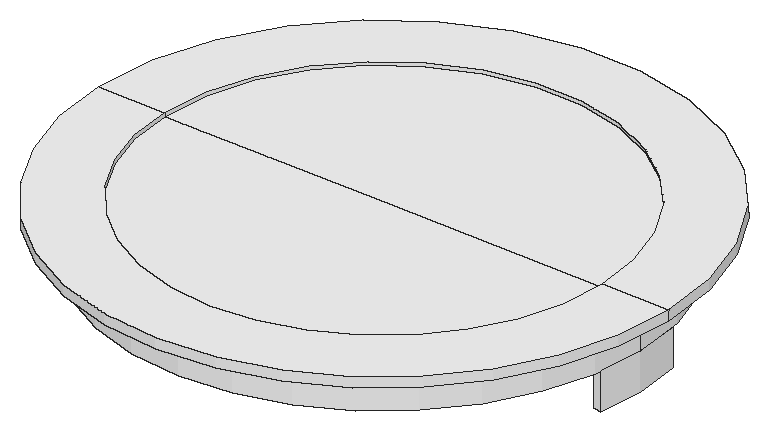
Revit family "0053973", category Lighting Fixtures, host Face, Revit 2017
Family settings
  Host = Face
  Round Connector Dimension = Use Diameter
  Part Type = Normal
  OmniClass Number = 23.80.70.11.14.11
  OmniClass Title = Downlights
  Cut with Voids When Loaded = No
  Light Source = Yes
  Shared = No
  Room Calculation Point = No
Parameters (values of type "0053973 SYLFLAT 155 IP44 1050LM 830 DIM ")
  Weight = "8.66 kg"
  Wattage Comments = "n/a"
  Wattage = 13 W
  WarrantyStartDate [instance] = "n/a"
  WarrantyGuarantorParts = "n/a"
  WarrantyDurationUnit = "year"
  WarrantyDurationParts = "n/a"
  WarrantyDescription = "n/a"
  built-in parameter 1150110 = 1 (stored number, unit not read)
  Voltage = 230 V
  URL = "http://www.sylvania-lighting.com"
  TypeName = "SYLFLAT 155 IP44 1050LM 830 DIM"
  Type Image = <None>
  Type Comments = "n/a"
  built-in parameter 1114217 = 1 (stored number, unit not read)
  Tilt Angle = -90.00°
  built-in parameter 1150109 = 1 (stored number, unit not read)
  built-in parameter 1150134 = (empty or 0)
  built-in parameter 1150113 = 1 (stored number, unit not read)
  SpringMountStartAngle_FEILO = -SpringMountEndAngle_FEILO  # -10.00°
  SpringMountEndAngle_FEILO = 10.00°
  SerialNumber [instance] = "n/a"
  ReflectorMaterial = none
  RecessedHeight_FEILO = 22 mm
  RecessedDiameter_FEILO = 155 mm
  PowerFactor = 0
  PowerConsumption = "13 W"
  Photometric Web File = "0053973.ies"
  NominalLength = 172 mm
  NominalHeight = 22 mm
  NominalDepth = 172 mm
  Name = "SYLFLAT 155 IP44 1050LM 830 DIM"
  ModelReference = Name  # "SYLFLAT 155 IP44 1050LM 830 DIM"
  ModelNumber = "0053973"
  Model = Name  # "SYLFLAT 155 IP44 1050LM 830 DIM"
  Material = "Aluminium"
  ManufacturerName = "Feilo Sylvania"
  Manufacturer = "Feilo Sylvania"
  LuminousEfficacy = "80.76 lm/W"
  built-in parameter 1150105 = 83.556 (stored number, unit not read)
  Lumens = 1050 lm
  LuminaireType = "LED recessed downlight"
  built-in parameter 1150115 = 1 (stored number, unit not read)
  LightOutputRatio = "1"
  built-in parameter 1150137 = (empty or 0)
  built-in parameter 1150139 = (empty or 0)
  LampsType = Lamp  # "LED"
  LampNominalLuminous = "1050 lm"
  LampMacAdamStep = "n/a"
  LampColourTemperature = "3000 K"
  LampColourRenderingIndex = "80"
  built-in parameter 1150112 = 1 (stored number, unit not read)
  built-in parameter 1150114 = 1 (stored number, unit not read)
  Lamp = "LED"
  Keynote = "16500"
  InstallationDate [instance] = "n/a"
  InputVoltage = "220-240V~"
  InputNominalFrequency = "50/60 Hz"
  built-in parameter 1150132 = (empty or 0)
  built-in parameter 1150102 = (empty or 0)
  built-in parameter 1150107 = 3000 (stored number, unit not read)
  built-in parameter 1150138 = (empty or 0)
  IngressProtection = "IP44"
  ImpactProtectionIndex = "IK06"
  built-in parameter 1150106 = 0.83556 (stored number, unit not read)
  IfcExportType = "IfcLightFixtureType"
  IfcExportAs = "IfcLightFixtureType"
  ExpectedLife = 50000
  Emit from Circle Diameter = 132 mm
  Emit Shape Visible in Rendering = no
  ElectricShockClassification = "Class II"
  built-in parameter 1150104 = 7.5037 (stored number, unit not read)
  DurationUnit = "hours"
  DocumentationLiterature = "http://www.sylvania-lighting.com/product/en-int/products/0053973"
  DimmingControlOptions = "Dimmable"
  Dimming Lamp Color Temperature Shift = <None>
  DiffuserMaterial = Diffuser-Sylvania-Glow
  Description = "Integrated LED recessed downlight providing 1040 fixture lumens at a wattage of 13W giving a high efficacy of 80lm/W. Fitting includes Leading/Trailing edge phase dimmable driver and has a round ceiling cut out of 155mm with an IP20 and IK02 rating providing uniform distribution with an Opal diffuser and 110° beam angle. Provided including a Loop in Loop out box and built Built white aluminium housing."
  Default Elevation = 1219.2 mm
  CutoutHeight_FEILO = RecessedHeight_FEILO + 10 mm  # 32 mm
  CreatedOn = "03-11-2017"
  CreatedBy = "aron.fodor@feilosylvania.com"
  Cost = 0
  Color Filter = 16777215
  built-in parameter 1114216 [instance] = (empty or 0)
  ClassificationValue = "EF_70_80"
  ClassificationName = "Uniclass2015"
  BodyWidth_FEILO = 172 mm
  BodyMaterial = Body-Sylvania-SylFlatDimmable-White
  BodyLength_FEILO = 172 mm
  BodyHeight_FEILO = 11 mm
  BarCode [instance] = "n/a"
  built-in parameter 1114218 = 1 (stored number, unit not read)
  built-in parameter 1150133 = 10 (stored number, unit not read)
  AssetType = "Fixed"
  AssetIdentifier [instance] = "n/a"
  Assembly Code = "D5020200"
  Apparent Load = 13 VA
  AccessoryMaterial = Diffuser-Sylvania-Glow
Reference planes
  plane 1 "Center (Front/Back)": y = 0
  plane 2: z = 0
  plane 3 "Center (Left/Right)": x = 0
  plane 4: x = 86
  plane 5: x = -86
  plane 6: y = 86
  plane 7: y = -86
  plane 8: z = 3
  plane 9: z = -22
  plane 10: x = 77.5
  plane 11: x = -77.5
  plane 12: y = 77.5
  plane 13: y = -77.5
  plane 14: z = 2
  plane 15: x = -66
  plane 16: z = -11
  plane 17: x = -75
  plane 18: x = 75
  plane 19: z = -32
Forms (mm)
  Revolve 1, solid, material "Body-Sylvania-SylFlatDimmable-White" <- "BodyMaterial"
    sketch origin (0, 0, 0) x (1, 0, 0) y (0, 0, 1)
      loop
        line (0, -11) -> (0, 2) -> (-66, 2) -> (-66, 3) -> (-86, 3) -> (-86, 0) -> (-77.5, 0) -> (-77.5, -11) -> (0, -11)
      axis (0, 3) -> (0, -11)
    angle from 360 to 0
  Revolve 2, solid, material "Body-Sylvania-SylFlatDimmable-White" <- "BodyMaterial"
    sketch origin (0.654, 0, 0) x (1, 0, 0) y (0, 0, 1)
      loop
        line (-78.154, -11) -> (-78.154, -22) -> (-75.654, -22) -> (-75.654, -11) -> (-78.154, -11)
      axis (-0.654, -11) -> (-0.654, -22)
    angle from -10 <- "SpringMountStartAngle_FEILO" to 10 <- "SpringMountEndAngle_FEILO"
  Revolve 3, solid, material "Body-Sylvania-SylFlatDimmable-White" <- "BodyMaterial"
    sketch origin (0, 0, 0) x (1, 0, 0) y (0, 0, 1)
      loop
        line (77.5, -11) -> (75, -11) -> (75, -22) -> (77.5, -22) -> (77.5, -11)
      axis (0, -11) -> (0, -22)
    angle from -10 <- "SpringMountStartAngle_FEILO" to 10 <- "SpringMountEndAngle_FEILO"
  Revolve 4, void
    sketch origin (0, 0, 0) x (1, 0, 0) y (0, 0, 1)
      loop
        line (0, 0) -> (-77.5, 0) -> (-77.5, -32) -> (0, -32) -> (0, 0)
      axis (0, 0) -> (0, -32)
    angle from 360 to 0
Cuts and joins
  joined: Revolve 1, Revolve 2, Revolve 3
Dimensions and locks
  equal spacing: plane 5, plane 3 "Center (Left/Right)", plane 4
  equal spacing: plane 7, plane 1 "Center (Front/Back)", plane 6
  "BodyWidth_FEILO": plane 7 to plane 6
  "BodyLength_FEILO": plane 5 to plane 4
  "RecessedHeight_FEILO": plane 2 to plane 9
  locked: plane 8 to plane 2 at 3
  equal spacing: plane 11, plane 3 "Center (Left/Right)", plane 10
  "RecessedDiameter_FEILO": plane 11 to plane 10
  equal spacing: plane 13, plane 1 "Center (Front/Back)", plane 12
  "RecessedDiameter_FEILO": plane 13 to plane 12
  locked: plane 14 to plane 2 at 2
  locked: plane 15 to plane 5 at 20
  "BodyHeight_FEILO": plane 2 to plane 16
  equal spacing: plane 18, plane 3 "Center (Left/Right)", plane 17
  locked: plane 17 to plane 11 at 2.5
  "CutoutHeight_FEILO": plane 2 to plane 19
  aligned and locked: plane 2 to host face
  aligned and locked: level to host face
  aligned and locked: plane 3 "Center (Left/Right)" to Revolve 1 sketch curve
  aligned and locked: Revolve 1 sketch curve to plane 14
  aligned and locked: plane 15 to Revolve 1 sketch curve
  aligned and locked: Revolve 1 sketch curve to plane 8
  aligned and locked: Revolve 1 sketch curve to plane 5
  aligned and locked: Revolve 1 sketch curve to plane 11
  aligned and locked: Revolve 1 sketch curve to plane 3 "Center (Left/Right)"
  aligned and locked: Revolve 1 sketch curve to level
  aligned and locked: plane 16 to Revolve 1 sketch curve
  aligned and locked: Revolve 2 sketch curve to Revolve 1  (x2)
  aligned and locked: Revolve 2 sketch curve to plane 9
  aligned and locked: Revolve 2 sketch curve to plane 17
  aligned and locked: Revolve 2 sketch curve to plane 3 "Center (Left/Right)"
  aligned and locked: Revolve 3 sketch curve to plane 3 "Center (Left/Right)"
  aligned and locked: Revolve 3 sketch curve to Revolve 1  (x2)
  aligned and locked: plane 9 to Revolve 3 sketch curve
  aligned and locked: Revolve 3 sketch curve to plane 18
  aligned and locked: Revolve 4 sketch curve to plane 3 "Center (Left/Right)"
  aligned and locked: plane 19 to Revolve 4 sketch curve
  aligned and locked: plane 3 "Center (Left/Right)" to Revolve 4 sketch curve
  aligned and locked: Revolve 4 sketch curve to plane 11
  aligned and locked: level to Revolve 4 sketch curve
  aligned and locked: imposter light to plane 14
  aligned and locked: plane 3 "Center (Left/Right)" to imposter light
  aligned and locked: imposter light to plane 1 "Center (Front/Back)"
Automatic sketch dimensions
  host sketch curve to host sketch curve = 2438.4 mm  (x2)
  plane 9 to Revolve 1 sketch curve = 587.6 mm
  Revolve 1 sketch curve to plane 8 = 2606.058 mm
  plane 9 to Revolve 2 sketch curve = 587.6 mm
  Revolve 2 sketch curve to plane 8 = 2606.058 mm
  plane 9 to Revolve 3 sketch curve = 587.6 mm
  Revolve 3 sketch curve to plane 8 = 2606.058 mm
  plane 19 to Revolve 4 sketch curve = 577.6 mm
  Revolve 4 sketch curve to plane 8 = 2606.058 mm
Connectors
  electrical at (0, 0, 0), driven by "Apparent Load", driven by "PowerFactor", driven by "Voltage"
    settings: index 1, voltage 230 V, apparent load 13 VA, apparent load phase1 0 VA, apparent load phase2 0 VA, apparent load phase3 0 VA, power factor 0, load classification "Lighting", number of poles 1, system type 30, power factor state 1, is connector primary yes, connector utility no, sub classification motor no, connector description ""
